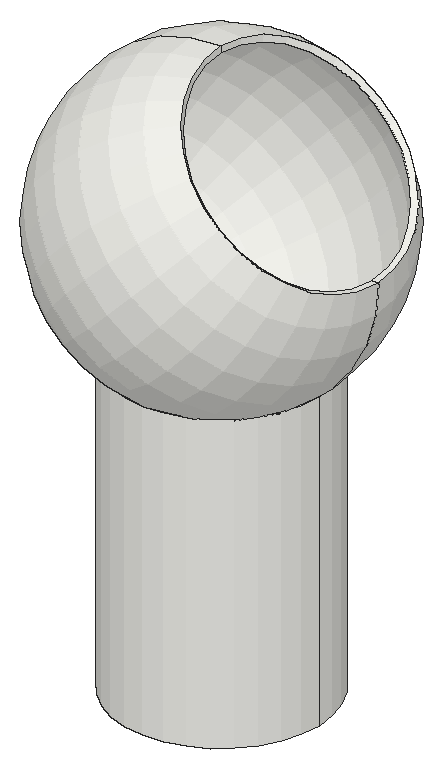
Revit family "c7092e16f5ca419ea012f5f4112a647a", category Lighting Fixtures, Revit 2021
Family settings
  Round Connector Dimension = Use Diameter
  Part Type = Normal
  OmniClass Number = 23.80.70.14.17
  OmniClass Title = Exterior Spotlights
  Seek Item ID = Spot Light - Exterior-0000-USA-ENU
  Work Plane-Based = No
  Always vertical = Yes
  Cut with Voids When Loaded = No
  Light Source = Yes
  Shared = No
  Room Calculation Point = No
Parameters (values of type "300W Incandescent - 277V")
  Wattage = 300 W
  built-in parameter 1150110 = 1 (stored number, unit not read)
  built-in parameter 1114217 = 1 (stored number, unit not read)
  built-in parameter 1150109 = 1 (stored number, unit not read)
  built-in parameter 1150134 = 4
  built-in parameter 1150113 = 1 (stored number, unit not read)
  Tilt Angle = 60.00°
  built-in parameter 1010507 = 1.5708 (stored number, unit not read)
  built-in parameter 1010506 = 0.5236 (stored number, unit not read)
  built-in parameter 1150115 = 1 (stored number, unit not read)
  built-in parameter 1150105 = 20432.6 (stored number, unit not read)
  Load Classification = Lighting - Dwelling Unit
  Light Source Symbol Length = 10' - 0"
  built-in parameter 1150137 = 1
  built-in parameter 1150139 = (empty or 0)
  built-in parameter 1150112 = 1 (stored number, unit not read)
  built-in parameter 1150114 = 1 (stored number, unit not read)
  built-in parameter 1150132 = (empty or 0)
  built-in parameter 1150102 = (empty or 0)
  built-in parameter 1150138 = (empty or 0)
  built-in parameter 1150107 = 2800 (stored number, unit not read)
  built-in parameter 1150106 = 204.33 (stored number, unit not read)
  built-in parameter 1150104 = 1.8924 (stored number, unit not read)
  Dimming Lamp Color Temperature Shift = <None>
  Default Elevation = 0' - 0"
  Color Filter = 16777215
  Ballast Voltage = 277 V
  Ballast Number of Poles = 1
  built-in parameter 1114218 = 1 (stored number, unit not read)
  built-in parameter 1150133 = 10 (stored number, unit not read)
  Assembly Code = "D5020230"
  Lamp = "PS-30"
  Lumens = 6111 lm
  Shade = Steel, Paint Finish, Ivory, Glossy
  Stand = Steel, Paint Finish, Ivory, Glossy
  Wattage Comments = "300"
  Apparent Load = 300 VA
Types (5): name | Wattage | built-in parameter 1150134 | built-in parameter 1150105 | built-in parameter 1150107 | built-in parameter 1150106 | built-in parameter 1150104 | Ballast Voltage | Lamp | Lumens | Shade | Wattage Comments | Apparent Load
  (no name) | 300 W | 4 | 20432.6 (stored number, unit not read) | 2800 (stored number, unit not read) | 204.33 (stored number, unit not read) | 1.8924 (stored number, unit not read) | 277 V | "PS-30" | 6111 lm | Steel, Paint Finish, Ivory, Glossy | "300" | 300 VA
  300W Incandescent - 120V | 300 W | 4 | 20432.6 (stored number, unit not read) | 2800 (stored number, unit not read) | 204.33 (stored number, unit not read) | 1.8924 (stored number, unit not read) | 120 V | "PS-30" | 6111 lm | Steel, Paint Finish, Ivory, Glossy | "300" | 300 VA
  175W Metal Halide - 120V | 175 W | 12 | 42796 (stored number, unit not read) | 4000 (stored number, unit not read) | 427.96 (stored number, unit not read) | 6.7949 (stored number, unit not read) | 120 V | "BT-28" | 12799.5 lm | Steel, Paint Finish, Dark Gray, Matte | "175" | 175 VA
  175W Metal Halide - 277V | 175 W | 12 | 42796 (stored number, unit not read) | 4000 (stored number, unit not read) | 427.96 (stored number, unit not read) | 6.7949 (stored number, unit not read) | 277 V | "BT-28" | 12799.5 lm | Steel, Paint Finish, Dark Gray, Matte | "175" | 175 VA
  300W Incandescent - 277V | 300 W | 4 | 20432.6 (stored number, unit not read) | 2800 (stored number, unit not read) | 204.33 (stored number, unit not read) | 1.8924 (stored number, unit not read) | 277 V | "PS-30" | 6111 lm | Steel, Paint Finish, Ivory, Glossy | "300" | 300 VA
Reference planes (in)
  plane 1 "Light Source Axis": y = 0
  plane 2: z = 0
  plane 3 "Light Source Axis": x = 0
  plane 4 "Light Source Elevation": z = 17
Forms (in)
  Extrusion 1, solid, material "Steel, Paint Finish, Ivory, Glossy" <- "Stand"
    sketch origin (0, 0, 0) x (1, 0, 0) y (0, 1, 0)
      loop
        circle (0, 0) r 4
      loop
        circle (0, 0) r 3
    from 0 to 12
  Revolve 2, solid, material "Steel, Paint Finish, Ivory, Glossy" <- "Shade"
    sketch origin (0, 0, 0) x (1, 0, 0) y (0, 0, 1)
      loop
        arc (0, 23.40312) -> (-5.91572, 19.45037) -> (-4.52769, 12.47231) r 6.40312
        line (-4.52769, 12.47231) -> (-4.35092, 12.64908)
        arc (-4.35092, 12.64908) -> (-5.68475, 19.3547) -> (0, 23.15312) r 6.15312
        line (0, 23.15312) -> (0, 23.40312)
      axis (-4.52769, 12.47231) -> (3.20156, 20.20156)
    angle from 0 to 360
Lines and regions (in)
  symbolic lines
    curve 1: arc (6.44116, 0, 0) -> (0, 6.44116, 0) -> (-6.44116, 0, 0) r 6.44116
    curve 2: arc (-6.44116, 0, 0) -> (0, -6.44116, 0) -> (6.44116, 0, 0) r 6.44116
    curve 3: line (0, 1.05008, 0) -> (7.88285, 5.60125, 0)
    curve 4: line (0, -0.86665, 0) -> (7.83458, -5.38994, 0)
    curve 5: line (0, 1.05008, 0) -> (0, -0.86665, 0)
    curve 6: arc (7.88285, 5.60125, 0) -> (9.81218, 0.09707, 0) -> (7.83458, -5.38994, 0) r 8.70707
Dimensions and locks (in)
  aligned and locked: plane 3 "Light Source Axis" to imposter light
  aligned and locked: plane 1 "Light Source Axis" to imposter light
  aligned and locked: imposter light to plane 4 "Light Source Elevation"
Connectors (in)
  electrical at (0, 0, 12), driven by "Apparent Load", driven by "Ballast Voltage", driven by "Ballast Number of Poles", driven by "Load Classification"
    settings: on Extrusion 1, index 1, voltage 277 V, apparent load 0 VA, apparent load phase1 300 VA, apparent load phase2 0 VA, apparent load phase3 0 VA, power factor 0.95, load classification "Lighting - Dwelling Unit", number of poles 1, system type 31, power factor state 1, is connector primary yes, connector utility no, sub classification motor no, connector description ""
